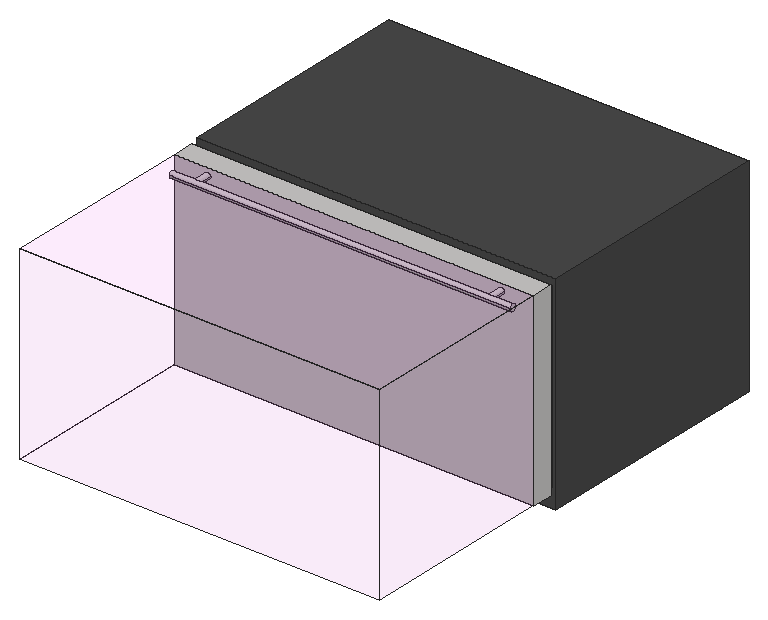
Revit family "Qf_Summit_SDR30_30 inches Wide Built-In Drawer Refrigerator", category Specialty Equipment, Revit 2020
Family settings
  Round Connector Dimension = Use Diameter
  Part Type = Normal
  Work Plane-Based = No
  Always vertical = Yes
  Cut with Voids When Loaded = No
  Shared = No
  Room Calculation Point = No
Parameters
  Weight in Pounds = 77
  Watts = 0 W
  Volts = 115 V
  URL Cutsheet = ""
  Specification by User = ""
  Specification by Manufacturer = ""
  Show Clearance [instance] = yes
  Serial Number = ""
  Seismic Rating = ""
  SMACNA No = ""
  Revision Code = ""
  Refrigerant Volume = 0.00 kip
  Refrigerant Type = ""
  Phase = 1
  Number of Poles = 1
  NAFEM Spec ID Number = ""
  Model = "SDR30"
  Min Ckt Ampacity = 0 A
  Max Overcurrent Protection = 0 A
  Masterspec = ""
  Manufacturer = "Summit"
  Length = 29 1/2"
  Item Number = ""
  Installed By = ""
  Identify Quantity as Lot = yes
  Height = 17 3/4"
  HP = ""
  Furnished By = ""
  Foodservice Equipment Identifier = yes
  FL Amps = 1 A
  Electrical Remarks = ""
  Electric Connection Type = ""
  Elec Conn RI Height = 0"
  Elec Conn Connection Height = 0"
  Description = "30\" Wide Built-In Drawer Refrigerator"
  Depth = 22"
  Default Elevation = 0"
  Cycle = 60 Hz
  Conn Plug = ""
  Conn Conduit = yes
  CSI MasterFormat = ""
  Apparent Power = if(Phase = 3, Volts * FL Amps * 1.73, Volts * FL Amps)  # 115 VA
Reference planes (in)
  plane 1: z = 0
  plane 2 "LEFT": x = 0
  plane 3 "RIGHT": x = 29.5
  plane 4 "FRONT": y = -22.75
  plane 5 "TOP": z = 17.75
  plane 6 "Center Y": x = 14.75
  plane 7 "Center X": y = -11.75
  plane 8 "BACK": y = -0.75
  plane 9: y = -38.625
  plane 10: z = 2
  plane 11: x = 28.41605
  plane 12: z = 0.75
  plane 13: z = 11.5
  plane 14: y = -24.25
  plane 15: y = -21
  plane 16: y = -20.5
  plane 17: z = 17.125
  plane 18: z = 16.625
  plane 19: z = 17.5
Forms (in)
  Extrusion 1, solid, material "QF_Plastic - Black - Matte"
    sketch origin (22.25, -2.96287, 24.25) x (0, 1, 0) y (-1, 0, 0)
      loop
        line (2.21287, 22.25) -> (-17.53713, 22.25) -> (-17.53713, -7.25) -> (2.21287, -7.25) -> (2.21287, 22.25)
    from -23.5 to -6.5
  Extrusion 2, solid, material "QF_Plastic - Black - Matte"
    sketch origin (22.25, -2.96287, 24.25) x (0, 1, 0) y (-1, 0, 0)
      loop
        line (-17.53713, -6.90118) -> (-17.53713, 21.88303) -> (-18.03713, 21.88303) -> (-18.03713, -6.90118) -> (-17.53713, -6.90118)
    from -21.98495 to -7.125
  Extrusion 3, solid, material "QF_Metal_Stainless_Polished"
    sketch origin (23.88, 0, 0) x (0, 1, 0) y (0, 0, 1)
      loop
        circle (-24, 16.875) r 0.25
    from -23.13 to 4.87
  Extrusion 4, solid, material "QF_Metal_Stainless_Polished"
    sketch origin (0, -20.49491, 32) x (1, 0, 0) y (0, 0, 1)
      loop
        circle (2.6875, -15.125) r 0.23438
      loop
        circle (26.8125, -15.125) r 0.23438
    from 2.25509 to 3.50509
  Revolve 5, solid, material "QF_Plastic - Black - Matte"
    sketch origin (0, -18.49491, 32) x (1, 0, 0) y (0, 0, 1)
      loop
        line (2.0625, -31.25) -> (1.5625, -31.25) -> (1.5625, -32) -> (2.3125, -32) -> (2.3125, -31.5) -> (2.0625, -31.25)
      axis (1.5625, -32) -> (1.5625, -31.25)
    angle from 0 to 360
  Revolve 6, solid, material "QF_Plastic - Black - Matte"
    sketch origin (0, -2.49491, 32) x (1, 0, 0) y (0, 0, 1)
      loop
        line (2.0625, -31.25) -> (1.5625, -31.25) -> (1.5625, -32) -> (2.3125, -32) -> (2.3125, -31.5) -> (2.0625, -31.25)
      axis (1.5625, -32) -> (1.5625, -31.25)
    angle from 0 to 360
  Extrusion 7, solid
    sketch origin (5.00125, -0.75, 24.25) x (1, 0, 0) y (0, 0, -1)
      loop
        circle (17.28855, 22.75177) r 0.25
    from 0 to 0.21202
  Extrusion 8, solid, material "QF_Metal_Stainless_Polished"
    sketch origin (22.25, -2.96287, 23.40625) x (0, 1, 0) y (-1, 0, 0)
      loop
        line (-18.03713, 22.25) -> (-19.78713, 22.25) -> (-19.78713, -7.25) -> (-18.03713, -7.25) -> (-18.03713, 22.25)
    from -21.40625 to -5.90625
  Extrusion 9, solid, material "QF_Clearances_Door_Drawer"
    sketch origin (22.25, -2.96287, 24.25) x (0, 1, 0) y (-1, 0, 0)
      loop
        line (-19.78713, 22.25) -> (-35.66213, 22.25) -> (-35.66213, -7.25) -> (-19.78713, -7.25) -> (-19.78713, 22.25)
    from -22.25 to -6.75
  Revolve 10, solid, material "QF_Plastic - Black - Matte"
    sketch origin (29.5, -18.49491, 32) x (-1, 0, 0) y (0, 0, -1)
      loop
        line (2.0625, 31.25) -> (2.3125, 31.5) -> (2.3125, 32) -> (1.5625, 32) -> (1.5625, 31.25) -> (2.0625, 31.25)
      axis (1.5625, 32) -> (1.5625, 31.25)
    angle from 0 to 360
  Revolve 11, solid, material "QF_Plastic - Black - Matte"
    sketch origin (29.5, -2.49491, 32) x (-1, 0, 0) y (0, 0, -1)
      loop
        line (2.0625, 31.25) -> (2.3125, 31.5) -> (2.3125, 32) -> (1.5625, 32) -> (1.5625, 31.25) -> (2.0625, 31.25)
      axis (1.5625, 32) -> (1.5625, 31.25)
    angle from 0 to 360
Cuts and joins
  joined: Extrusion 3, Extrusion 4
Lines and regions (in)
  Split face 1
    outline origin (22.25, -2.96287, 17.5) x (0, 1, 0) y (-1, 0, 0)
      loop
        line (-18.47423, 11.75) -> (-19.34923, 11.75)
        arc (-19.34923, 11.75) -> (-19.43762, 11.71339) -> (-19.47423, 11.625) r 0.125
        line (-19.47423, 11.625) -> (-19.47423, 3.375)
        arc (-19.47423, 3.375) -> (-19.43762, 3.28661) -> (-19.34923, 3.25) r 0.125
        line (-19.34923, 3.25) -> (-18.47423, 3.25)
        arc (-18.47423, 3.25) -> (-18.38584, 3.28661) -> (-18.34923, 3.375) r 0.125
        line (-18.34923, 3.375) -> (-18.34923, 11.625)
        arc (-18.34923, 11.625) -> (-18.38584, 11.71339) -> (-18.47423, 11.75) r 0.125
  Split face 2
    outline origin (25.3125, -2.96287, 17.5) x (0, 1, 0) y (-1, 0, 0)
      loop
        circle (-18.94932, 14.0645) r 0.2373
  Split face 3
    outline origin (19.23665, -2.93162, 17.5) x (0, 1, 0) y (-1, 0, 0)
      loop
        line (-18.60246, 5.26032) -> (-19.32606, 5.26032) -> (-19.32606, 3.60831) -> (-18.60246, 3.60831) -> (-18.60246, 5.26032)
  symbolic lines
    curve 1: line (0, -0.75, 24.25) -> (0, -20.5, 24.25)
    curve 2: line (0, -20.5, 24.25) -> (29.5, -20.5, 24.25)
    curve 3: line (29.5, -20.5, 24.25) -> (29.5, -0.75, 24.25)
    curve 4: line (29.5, -0.75, 24.25) -> (0, -0.75, 24.25)
    curve 5: line (0.36697, -20.5, 24.25) -> (0.36697, -21, 24.25)
    curve 6: line (29.15118, -21, 24.25) -> (29.15118, -20.5, 24.25)
    curve 7: line (0, -21, 24.25) -> (0, -22.75, 24.25)
    curve 8: line (0, -22.75, 24.25) -> (29.5, -22.75, 24.25)
    curve 9: line (29.5, -22.75, 24.25) -> (29.5, -21, 24.25)
    curve 10: line (29.5, -21, 24.25) -> (0, -21, 24.25)
    curve 11: line (10.5, -21.4371, 24.25) -> (10.5, -22.3121, 24.25)
    curve 12: arc (10.5, -22.3121, 24.25) -> (10.53661, -22.40049, 24.25) -> (10.625, -22.4371, 24.25) r 0.125
    curve 13: line (10.625, -22.4371, 24.25) -> (18.875, -22.4371, 24.25)
    curve 14: arc (18.875, -22.4371, 24.25) -> (18.96339, -22.40049, 24.25) -> (19, -22.3121, 24.25) r 0.125
    curve 15: line (19, -22.3121, 24.25) -> (19, -21.4371, 24.25)
    curve 16: arc (19, -21.4371, 24.25) -> (18.96339, -21.34871, 24.25) -> (18.875, -21.3121, 24.25) r 0.125
    curve 17: line (18.875, -21.3121, 24.25) -> (10.625, -21.3121, 24.25)
    curve 18: arc (10.625, -21.3121, 24.25) -> (10.53661, -21.34871, 24.25) -> (10.5, -21.4371, 24.25) r 0.125
    curve 19: arc (11.248, -22.14949, 24.25) -> (11.0107, -21.91219, 24.25) -> (11.248, -21.67488, 24.25) r 0.2373
    curve 20: arc (11.248, -21.67488, 24.25) -> (11.48531, -21.91219, 24.25) -> (11.248, -22.14949, 24.25) r 0.2373
    curve 21: line (13.97634, -22.25768, 24.25) -> (13.97634, -21.53408, 24.25)
    curve 22: line (13.97634, -21.53408, 24.25) -> (15.62834, -21.53408, 24.25)
    curve 23: line (15.62834, -21.53408, 24.25) -> (15.62834, -22.25768, 24.25)
    curve 24: line (15.62834, -22.25768, 24.25) -> (13.97634, -22.25768, 24.25)
    curve 28: line (0.75, -23.75, 24.25) -> (28.75, -23.75, 24.25)
    curve 29: line (0.75, -24.25, 24.25) -> (0.75, -23.75, 24.25)
    curve 30: line (28.75, -24.25, 24.25) -> (0.75, -24.25, 24.25)
    curve 31: line (28.75, -23.75, 24.25) -> (28.75, -24.25, 24.25)
    curve 32: line (27.03317, -22.75, 24.25) -> (26.58988, -22.75, 24.25)
    curve 33: line (27.03317, -23.75, 24.25) -> (27.03317, -22.75, 24.25)
    curve 34: line (26.58988, -23.75, 24.25) -> (27.03317, -23.75, 24.25)
    curve 35: line (26.58988, -22.75, 24.25) -> (26.58988, -23.75, 24.25)
    curve 36: line (2.90176, -22.75, 24.25) -> (2.46627, -22.75, 24.25)
    curve 37: line (2.90176, -23.75, 24.25) -> (2.90176, -22.75, 24.25)
    curve 38: line (2.46627, -23.75, 24.25) -> (2.90176, -23.75, 24.25)
    curve 39: line (2.46627, -22.75, 24.25) -> (2.46627, -23.75, 24.25)
  symbolic lines, style "QF_Clearances_Door_Drawer"
    curve 25: line (0, -22.75, 24.25) -> (0, -38.625, 24.25)
    curve 26: line (0, -38.625, 24.25) -> (29.5, -38.625, 24.25)
    curve 27: line (29.5, -38.625, 24.25) -> (29.5, -22.75, 24.25)
Dimensions and locks (in)
  equal spacing: plane 2 "LEFT", plane 6 "Center Y", plane 3 "RIGHT"
  "Length": plane 2 "LEFT" to plane 3 "RIGHT"
  equal spacing: plane 4 "FRONT", plane 7 "Center X", plane 8 "BACK"
  "Height": plane 5 "TOP" to level
  plane 3 "RIGHT" to plane 2 "LEFT" = 29 1/2"
  plane 5 "TOP" to level = 17 3/4"  (x2)
  "Depth": plane 4 "FRONT" to plane 8 "BACK"
  plane 8 "BACK" to plane 9 = 37 7/8"
  plane 10 to level = 2"
  locked: plane 11 to plane 3 "RIGHT" at 1.08395
  plane 4 "FRONT" to plane 8 "BACK" = 22"
  plane 15 to plane 4 "FRONT" = 1 3/4"
  plane 8 "BACK" to plane 16 = 19 3/4"
  plane 4 "FRONT" to plane 14 = 1 1/2"
  plane 19 to plane 10 = 15 1/2"
  aligned and locked: level to plane 1
  aligned and locked: Extrusion 9 to plane 3 "RIGHT"
  aligned and locked: Extrusion 8 to plane 3 "RIGHT"
  aligned and locked: Extrusion 1 to plane 3 "RIGHT"
Automatic sketch dimensions
  Extrusion 1 sketch curve to plane 2 "LEFT" = 0"
  Extrusion 1 sketch curve to plane 16 = 0"
  plane 8 "BACK" to Extrusion 1 sketch curve = 0"
  Extrusion 1 sketch curve to plane 3 "RIGHT" = 0"
  plane 15 to Extrusion 2 sketch curve = 0"
  plane 16 to Extrusion 2 sketch curve = 0"
  plane 3 "RIGHT" to Extrusion 2 sketch curve = 0.34882"
  plane 2 "LEFT" to Extrusion 2 sketch curve = 0.36697"
  plane 14 to Extrusion 3 sketch curve = 1/4"
  Extrusion 3 sketch curve to plane 17 = 1/4"
  Extrusion 4 sketch curve to plane 17 = 1/4"  (x2)
  plane 2 "LEFT" to Extrusion 4 sketch curve = 2 11/16"
  plane 11 to Extrusion 4 sketch curve = 1.60355"
  Revolve 5 sketch curve to plane 12 = 0"  (x2)
  Revolve 5 sketch curve to level = 0"
  plane 2 "LEFT" to Revolve 5 sketch curve = 1 9/16"
  Revolve 5 sketch curve to Revolve 5 sketch curve = 1/2"
  Revolve 5 sketch curve to Revolve 5 sketch curve = 3/4"
  plane 12 to Revolve 5 sketch curve = 1/4"
  Revolve 5 sketch curve to Revolve 5 sketch curve = 0"
  Revolve 5 sketch curve to plane 12 = 1/4"
  Revolve 6 sketch curve to plane 12 = 0"  (x2)
  Revolve 6 sketch curve to level = 0"
  plane 2 "LEFT" to Revolve 6 sketch curve = 1 9/16"
  Revolve 6 sketch curve to Revolve 6 sketch curve = 1/2"
  Revolve 6 sketch curve to Revolve 6 sketch curve = 3/4"
  plane 12 to Revolve 6 sketch curve = 1/4"
  Revolve 6 sketch curve to Revolve 6 sketch curve = 0"
  Revolve 6 sketch curve to plane 12 = 1/4"
  Extrusion 8 sketch curve to plane 2 "LEFT" = 0"
  plane 4 "FRONT" to Extrusion 8 sketch curve = 0"
  Extrusion 8 sketch curve to plane 15 = 0"
  Extrusion 8 sketch curve to plane 3 "RIGHT" = 0"
  Split face 1 sketch curve to Extrusion 8 = 0.3129"
  Split face 1 sketch curve to Split face 1 sketch curve = 1/8"  (x3)
  Split face 1 sketch curve to Extrusion 8 = 0.4371"  (x2)
  Split face 1 sketch curve to Extrusion 8 = 10 1/2"
  Split face 1 sketch curve to Split face 1 sketch curve = 8 1/4"
  Split face 2 sketch curve to Extrusion 8 = 0.83781"
  Split face 2 sketch curve to Extrusion 8 = 11.248"
  Split face 3 sketch curve to Extrusion 8 = 0.49232"
  Split face 3 sketch curve to Extrusion 8 = 0.53408"
  Split face 3 sketch curve to Extrusion 8 = 13.87166"
  Split face 3 sketch curve to Split face 3 sketch curve = 1.652"
  Extrusion 9 sketch curve to plane 2 "LEFT" = 0"
  Extrusion 9 sketch curve to plane 9 = 0"
  plane 4 "FRONT" to Extrusion 9 sketch curve = 0"
  Extrusion 9 sketch curve to plane 3 "RIGHT" = 0"
  Revolve 10 sketch curve to plane 12 = 0"  (x2)
  Revolve 10 sketch curve to level = 0"
  plane 11 to Revolve 10 sketch curve = 0.47855"
  Revolve 10 sketch curve to Revolve 10 sketch curve = 1/2"
  Revolve 10 sketch curve to Revolve 10 sketch curve = 3/4"
  plane 12 to Revolve 10 sketch curve = 1/4"
  Revolve 10 sketch curve to Revolve 10 sketch curve = 0"
  Revolve 10 sketch curve to plane 12 = 1/4"
  Revolve 11 sketch curve to plane 12 = 0"  (x2)
  Revolve 11 sketch curve to level = 0"
  plane 11 to Revolve 11 sketch curve = 0.47855"
  Revolve 11 sketch curve to Revolve 11 sketch curve = 1/2"
  Revolve 11 sketch curve to Revolve 11 sketch curve = 3/4"
  plane 12 to Revolve 11 sketch curve = 1/4"
  Revolve 11 sketch curve to Revolve 11 sketch curve = 0"
  Revolve 11 sketch curve to plane 12 = 1/4"
  curve 19 to curve 20 = 0"  (x2)
  curve 26 to plane 2 "LEFT" = 0"
  curve 26 to plane 9 = 0"
  curve 29 to plane 14 = 0"
  plane 4 "FRONT" to curve 32 = 0"
  plane 4 "FRONT" to curve 39 = 0"
  plane 4 "FRONT" to curve 25 = 0"
  curve 10 to plane 15 = 0"
  plane 16 to curve 6 = 0"
  curve 4 to plane 3 "RIGHT" = 0"
  plane 8 "BACK" to curve 4 = 0"
  curve 27 to plane 3 "RIGHT" = 0"
  curve 4 to plane 2 "LEFT" = 0"
  plane 14 to curve 35 = 1/2"
  curve 30 to curve 28 = 1/2"
  plane 14 to curve 37 = 1/2"
  curve 13 to plane 4 "FRONT" = 0.3129"
  curve 14 to curve 15 = 1/8"
  curve 13 to curve 11 = 1/8"
  curve 23 to plane 4 "FRONT" = 0.49232"
  curve 12 to curve 20 = 0.39991"
  curve 22 to plane 15 = 0.53408"
  curve 15 to plane 15 = 0.4371"
  curve 18 to plane 15 = 0.4371"
  curve 16 to curve 17 = 1/8"
  curve 28 to plane 11 = 0.33395"
  plane 11 to curve 32 = 1.38288"
  curve 32 to curve 32 = 0.44329"
  plane 6 "Center Y" to curve 15 = 4 1/4"
  plane 6 "Center Y" to curve 24 = 0.87834"
  curve 24 to plane 6 "Center Y" = 0.77366"
  curve 21 to curve 20 = 2.72833"
  curve 19 to curve 18 = 0.623"
  plane 2 "LEFT" to curve 36 = 2.90176"
  curve 36 to curve 36 = 0.4355"
  plane 2 "LEFT" to curve 29 = 3/4"
  curve 20 to curve 19 = 0.2373"
  plane 3 "RIGHT" to curve 6 = 0.34882"
  plane 2 "LEFT" to curve 5 = 0.36697"
  radius of Extrusion 3 sketch curve = 1/4"
  radius of Extrusion 4 sketch curve = 15/64"  (x2)
  radius of Split face 2 sketch curve = 0.2373"
Connectors (in)
  electrical at (22.2898, -0.53798, 1.49823), driven by "Volts", driven by "Apparent Power"
    settings: on Extrusion 7, index 2, voltage 115 V, apparent load 115 VA, apparent load phase1 0 VA, apparent load phase2 0 VA, apparent load phase3 0 VA, power factor 1, load classification "Other", number of poles 1, system type 30, power factor state 1, is connector primary yes, connector utility no, sub classification motor no, connector description ""
